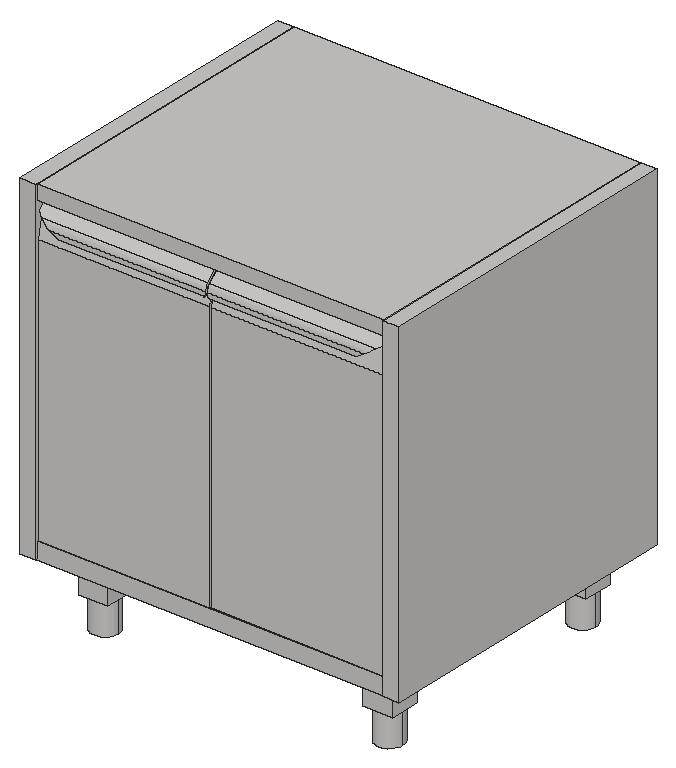
Revit family "QF_ELECTROLUXPROFESSIONAL_121816_TER2P8", category Attrezzature speciali, Revit 2020
Family settings
  Quota connettore circolare = Usa diametro
  Tipo di parte = Normale
  Basato su piano di lavoro = No
  Sempre verticale = Sì
  Taglio con vuoti quando caricato = No
  Condiviso = No
  Punto di calcolo locali = No
Parameters (values of type "Standard")
  Weight = 27.00 kg
  Watts = 0 W
  Volts = 0 V
  URL Manufacturer = "https://www.electroluxprofessional.com/"
  URL = "https://www.electroluxprofessional.com/"
  Steam Supply Size = 0 mm
  Steam Supply Minimum Pressure = 0.0 Pa
  Steam Supply Maximum Pressure = 0.0 Pa
  Steam Consumption per Hour = 0
  Refrigeration Suction Line Size = 0.0 mm
  Refrigeration Liquid Line Size = 0.0 mm
  Refrigerant Compressor Remote = yes
  Prospetto di default = 0.0 mm
  Phase = 0
  Modello = "TER2P8"
  Produttore = "Electrolux Professional"
  Length Actual = 800.0 mm  # constant formula
  Item Number = "121816"
  Hot Water Size = 0 mm
  Height Actual = 860.0 mm  # constant formula
  HP = "0 HP"
  Gas Size = 0 mm
  Gas KW = 0
  Gas Input Pressure = 0 W
  Direct Waste Size = 0 mm
  Descrizione = "AMBIENT UNIT 2 HINGED DOORS 800MM"
  Depth Actual = 680.0 mm  # constant formula
  Cycle = 0 Hz
  Condensate Return Size = 0 mm
  Compressed Air Volume = 0.0 L/s
  Compressed Air Size = 0 mm
  Compressed Air Pressure = 0.0 Pa
  Cold Water Size = 0 mm
  Accessory = yes
Reference planes
  plane 1 "Center (Front/Back)": y = 0
  plane 2: z = 0
  plane 3 "Center (Left/Right)": x = -300
  plane 4 "LEFT": x = -700
  plane 5 "RIGHT": x = 100
  plane 6 "BACK": y = 340
  plane 7 "FRONT": y = -340
  plane 8 "Base": z = 860
  plane 9 "TOP": z = 900
  plane 10: x = -600
  plane 11: x = 0
  plane 12: y = 270
  plane 13: y = -240
  plane 14 "FEET": z = 150
  plane 15: x = -666
  plane 16: x = 66
  plane 17: y = -337
  plane 18: y = 310
  plane 19: y = -700
Forms (mm)
  Extrusion 1, solid, material "QF_Finishes_Stainless Steel"
    sketch origin (0, 0, 150) x (-1, 0, 0) y (0, -1, 0)
      loop
        line (700, -340) -> (700, 340) -> (666, 340) -> (666, -340) -> (700, -340)
      loop
        line (-66, -340) -> (-66, 340) -> (-100, 340) -> (-100, -340) -> (-66, -340)
    from 0 to 710
  Extrusion 2, solid, material "QF_Finishes_Stainless Steel"
    sketch origin (0, 0, 150) x (-1, 0, 0) y (0, -1, 0)
      loop
        line (666, -310) -> (666, 337) -> (-66, 337) -> (-66, -310) -> (666, -310)
    from 0 to 35
  Extrusion 3, solid, material "QF_Finishes_Stainless Steel"
    sketch origin (0, 0, 0) x (1, 0, 0) y (0, 1, 0)
      loop
        line (-666, 310) -> (-666, -297) -> (66, -297) -> (66, 310) -> (-666, 310)
    from 490 to 520
  Extrusion 4, solid, material "QF_Finishes_Stainless Steel"
    sketch origin (0, 0, 0) x (1, 0, 0) y (0, 1, 0)
      loop
        line (-666, -337) -> (66, -337) -> (66, 340) -> (-666, 340) -> (-666, -337)
    from 830 to 860
  Extrusion 5, solid, material "QF_Finishes_Stainless Steel"
    sketch origin (0, 0, 150) x (-1, 0, 0) y (0, -1, 0)
      loop
        line (666, -340) -> (666, -310) -> (-66, -310) -> (-66, -340) -> (666, -340)
    from 680 to 0
Lines and regions (mm)
  symbolic lines, style "SpecialityEquipmentHiddenLines"
    curve 1: line (100, 340, 900) -> (-700, 340, 900)
    curve 2: line (100, -340, 900) -> (100, 340, 900)
    curve 3: line (-700, -344.5, 150) -> (-700, 340, 150)
    curve 4: line (-700, -340, 150) -> (-666, -340, 150)
    curve 5: line (-666, -340, 150) -> (-666, -337, 150)
    curve 6: line (-666, -337, 150) -> (66, -337, 150)
    curve 7: line (66, -337, 150) -> (66, -340, 150)
    curve 8: line (66, -340, 150) -> (100, -340, 150)
Dimensions and locks
  plane 4 "LEFT" to plane 5 "RIGHT" = 800.0 mm
  equal spacing: plane 4 "LEFT", plane 3 "Center (Left/Right)", plane 5 "RIGHT"
  plane 6 "BACK" to plane 7 "FRONT" = 680.0 mm
  equal spacing: plane 6 "BACK", plane 1 "Center (Front/Back)", plane 7 "FRONT"
  locked: plane 14 "FEET" to level at 150
  locked: plane 4 "LEFT" to plane 10 at 100
  locked: plane 11 to plane 5 "RIGHT" at 100
  locked: plane 4 "LEFT" to plane 15 at 34
  locked: plane 16 to plane 5 "RIGHT" at 34
  plane 17 to plane 7 "FRONT" = 3.0 mm
  plane 6 "BACK" to plane 18 = 30.0 mm
  locked: plane 6 "BACK" to plane 12 at 70
  locked: plane 13 to plane 7 "FRONT" at 100
  locked: plane 8 "Base" to level at 860
  locked: plane 9 "TOP" to level at 900
  plane 6 "BACK" to plane 19 = 1040.0 mm
  aligned and locked: level to plane 2
  aligned and locked: plane 10 to nested 1
  aligned and locked: plane 11 to nested 2
  aligned and locked: plane 11 to nested 4
  aligned and locked: nested 4 to plane 12
  aligned and locked: plane 10 to nested 3
  aligned and locked: nested 3 to plane 12
  aligned and locked: plane 8 "Base" to Extrusion 1
  aligned and locked: plane 6 "BACK" to Extrusion 1 sketch curve
  aligned and locked: Extrusion 1 sketch curve to plane 6 "BACK"
  aligned and locked: plane 7 "FRONT" to Extrusion 1 sketch curve
  aligned and locked: Extrusion 1 sketch curve to plane 7 "FRONT"
  aligned and locked: plane 15 to Extrusion 1
  aligned and locked: Extrusion 1 to plane 16
  aligned and locked: Extrusion 2 to plane 15
  aligned and locked: plane 16 to Extrusion 2
  aligned and locked: plane 16 to Extrusion 3
  aligned and locked: Extrusion 3 to plane 15
  aligned and locked: plane 8 "Base" to Extrusion 4
  aligned and locked: Extrusion 2 to plane 17
  aligned and locked: Extrusion 2 to plane 18
  aligned and locked: Extrusion 3 to plane 18
  aligned and locked: Extrusion 4 to plane 17
  aligned and locked: plane 15 to Extrusion 5 sketch curve
  aligned and locked: Extrusion 5 sketch curve to plane 16
  aligned and locked: Extrusion 5 sketch curve to plane 6 "BACK"
  aligned and locked: Extrusion 5 sketch curve to plane 18
  aligned and locked: Extrusion 5 to Extrusion 4
  aligned and locked: Extrusion 5 to plane 14 "FEET"
  aligned and locked: plane 6 "BACK" to Extrusion 4
  aligned and locked: nested 1 to plane 13
  aligned and locked: nested 2 to plane 13
Automatic sketch dimensions
  curve 2 to plane 5 "RIGHT" = 0.0 mm
  curve 2 to plane 7 "FRONT" = 0.0 mm
  curve 1 to plane 4 "LEFT" = 0.0 mm
  curve 1 to plane 6 "BACK" = 0.0 mm
  Extrusion 1 sketch curve to plane 5 "RIGHT" = 0.0 mm
  Extrusion 1 sketch curve to plane 16 = 0.0 mm
  Extrusion 1 sketch curve to plane 15 = 0.0 mm
  Extrusion 1 sketch curve to plane 4 "LEFT" = 0.0 mm
  Extrusion 2 sketch curve to plane 16 = 0.0 mm
  Extrusion 2 sketch curve to plane 15 = 0.0 mm
  plane 18 to Extrusion 2 sketch curve = 0.0 mm
  Extrusion 2 sketch curve to plane 17 = 0.0 mm
  curve 8 to plane 5 "RIGHT" = 0.0 mm
  curve 8 to plane 7 "FRONT" = 0.0 mm
  curve 8 to plane 16 = 0.0 mm
  curve 6 to plane 15 = 0.0 mm
  curve 3 to plane 4 "LEFT" = 0.0 mm
  curve 3 to plane 6 "BACK" = 0.0 mm
  curve 6 to plane 17 = 0.0 mm
  curve 4 to plane 7 "FRONT" = 0.0 mm
  curve 4 to curve 3 = 4.5 mm
  Extrusion 4 sketch curve to plane 15 = 0.0 mm
  Extrusion 4 sketch curve to plane 16 = 0.0 mm
  Extrusion 4 sketch curve to plane 17 = 0.0 mm
  Extrusion 4 sketch curve to plane 18 = 30.0 mm
  Extrusion 3 sketch curve to plane 15 = 0.0 mm
  plane 7 "FRONT" to Extrusion 3 sketch curve = 43.0 mm
  Extrusion 3 sketch curve to plane 16 = 0.0 mm
  plane 18 to Extrusion 3 sketch curve = 0.0 mm
Nested families
  nested 1: "FEET_L63-150" at (-600, -240, 0), type "FEET_L63-150"
  nested 2: "FEET_L63-150" at (0, -240, 0), type "FEET_L63-150"
  nested 3: "FEET_L63-150" at (-600, 270, 0), type "FEET_L63-150"
  nested 4: "FEET_L63-150" at (0, 270, 0), type "FEET_L63-150"
  nested 5: "H637_800_2DOORS" at (-336.042, -297, 149) x (1, 0, 0) z (0, -1, 0), type "H637_800_2DOORS"
    with Width 800.0 mm, Show Clearance yes
Definition of nested family "FEET_L63-150"
  Parameters
    Default Elevation = 0.0 mm
    FEET = 150.0 mm
  Reference planes
    plane 1 "Center (Front/Back)": y = 0
    plane 2: z = 0
    plane 3 "Center (Left/Right)": x = 0
    plane 4: z = 150
  Forms (mm)
    Extrusion 1, solid
      sketch origin (0, 0, 0) x (1, 0, 0) y (0, 1, 0)
        loop
          circle (0, 0) r 28
      from 0 to 67
    Extrusion 2, solid
      sketch origin (0, 0, 0) x (1, 0, 0) y (0, 1, 0)
        loop
          line (31.561, 31.5) -> (-31.439, 31.5) -> (-31.439, -31.5) -> (31.561, -31.5) -> (31.561, 31.5)
      from 67 to 150 <- "FEET"
  Lines and regions (mm)
    symbolic lines
      curve 1: line (0, -1.503, 0) -> (0, 1.508, 0)
      curve 2: line (1.561, 0, 0) -> (-1.439, 0, 0)
  Dimensions and locks
    "FEET": plane 4 to plane 2
    aligned and locked: level to plane 2
  Automatic sketch dimensions
    plane 1 "Center (Front/Back)" to Extrusion 1 sketch curve = 0.0 mm
    Extrusion 1 sketch curve to plane 3 "Center (Left/Right)" = 0.0 mm
    plane 1 "Center (Front/Back)" to curve 2 = 0.0 mm
    curve 1 to plane 3 "Center (Left/Right)" = 0.0 mm
    curve 2 to plane 3 "Center (Left/Right)" = 1.439 mm
    plane 3 "Center (Left/Right)" to curve 2 = 1.561 mm
    plane 1 "Center (Front/Back)" to curve 1 = 1.503 mm
    curve 1 to plane 1 "Center (Front/Back)" = 1.508 mm
    Extrusion 2 sketch curve to plane 1 "Center (Front/Back)" = 31.5 mm
    Extrusion 2 sketch curve to plane 3 "Center (Left/Right)" = 31.439 mm
    plane 3 "Center (Left/Right)" to Extrusion 2 sketch curve = 31.561 mm
    plane 1 "Center (Front/Back)" to Extrusion 2 sketch curve = 31.5 mm
    radius of Extrusion 1 sketch curve = 28.0 mm
Definition of nested family "H637_800_2DOORS"
  Parameters
    Width [instance] = 800.0 mm
    Show Clearance [instance] = yes
    Model = "727995"
    Height = 710.0 mm
    Default Elevation = 0.0 mm
  Reference planes
    plane 1 "Center (Front/Back)": y = 0
    plane 2: z = 0
    plane 3 "Center (Left/Right)": x = 36.042
    plane 4 "panel": z = 25
    plane 5 "Left": x = -363.958
    plane 6 "Right": x = 436.042
    plane 7: y = 710
    plane 8: z = 45
    plane 9: x = 399.042
    plane 10: x = -326.958
    plane 11: y = 672
    plane 12: y = 38
    plane 13: z = 403
    plane 14: x = 33.762
    plane 15: x = 38.322
  Forms (mm)
    Extrusion 1, solid
      sketch origin (0, -919.2, 0) x (1, 0, 0) y (0, 1, 0)
        loop
          line (-980.5, 2119.2) -> (-980.5, -162.846) -> (881.94, -162.846) -> (881.94, 2119.2) -> (-980.5, 2119.2)
      from 0 to -59.546
    Extrusion 2, solid
      sketch origin (36.042, -219.693, 0) x (0, 1, 0) y (0, 0, 1)
        loop
          line (848.63, 49.734) -> (848.63, 47.734) -> (858.98, 47.734)
          arc (858.98, 47.734) -> (865.586, 46.42) -> (871.186, 42.679) r 17.261
          line (871.186, 42.679) -> (888.019, 25.845) -> (891.693, 25) -> (872.6, 44.093)
          arc (872.6, 44.093) -> (866.351, 48.268) -> (858.98, 49.734) r 19.261
          line (858.98, 49.734) -> (848.63, 49.734)
      from 2.28 to 363
    Extrusion 3, void
      sketch origin (0, -219.693, 25) x (1, 0, 0) y (0, 1, 0)
        loop
          line (404.066, 839.859) -> (404.066, 882.225) -> (399.042, 882.225)
          arc (399.042, 882.225) -> (398.688, 880.688) -> (397.873, 879.339) r 5
          line (397.873, 879.339) -> (355.197, 850.51)
          arc (355.197, 850.51) -> (352.266, 849.11) -> (349.054, 848.63) r 10.974
          line (349.054, 848.63) -> (43.082, 848.63)
          arc (43.082, 848.63) -> (39.716, 850.024) -> (38.322, 853.39) r 4.76
          line (38.322, 853.39) -> (38.322, 839.859) -> (404.066, 839.859)
      from 0 to 27.674
    Extrusion 4, solid
      sketch origin (36.042, -190, 0) x (0, 1, 0) y (0, 0, 1)
        loop
          line (228, 40) -> (228, 0) -> (862, 0) -> (862, 25) -> (796.797, 40) -> (228, 40)
      from 363 to 2.28
    Extrusion 5, solid
      sketch origin (36.042, -219.693, 0) x (0, 1, 0) y (0, 0, -1)
        loop
          line (848.63, -49.734) -> (858.98, -49.734)
          arc (858.98, -49.734) -> (866.351, -48.268) -> (872.6, -44.093) r 19.261
          line (872.6, -44.093) -> (891.693, -25) -> (888.019, -25.845) -> (871.186, -42.679)
          arc (871.186, -42.679) -> (865.586, -46.42) -> (858.98, -47.734) r 17.261
          line (858.98, -47.734) -> (848.63, -47.734) -> (848.63, -49.734)
      from 2.28 to 363
    Extrusion 6, void
      sketch origin (72.084, -219.693, 25) x (-1, 0, 0) y (0, -1, 0)
        loop
          line (404.066, -839.859) -> (38.322, -839.859) -> (38.322, -853.39)
          arc (38.322, -853.39) -> (39.716, -850.024) -> (43.082, -848.63) r 4.76
          line (43.082, -848.63) -> (349.054, -848.63)
          arc (349.054, -848.63) -> (352.266, -849.11) -> (355.197, -850.51) r 10.974
          line (355.197, -850.51) -> (397.873, -879.339)
          arc (397.873, -879.339) -> (398.688, -880.688) -> (399.042, -882.225) r 5
          line (399.042, -882.225) -> (404.066, -882.225) -> (404.066, -839.859)
      from 0 to 27.674
    Extrusion 7, solid
      sketch origin (36.042, -190, 0) x (0, 1, 0) y (0, 0, -1)
        loop
          line (228, -40) -> (796.797, -40) -> (862, -25) -> (862, 0) -> (228, 0) -> (228, -40)
      from 363 to 2.28
    Extrusion 8, solid, detail levels coarse
      sketch origin (0, 0, 0) x (1, 0, 0) y (0, 0, 1)
        loop
          arc (33.762, 49.734) -> (-69.613, 304.977) -> (-326.958, 403) r 344.617
          line (-326.958, 403) -> (-326.958, 49.734) -> (33.762, 49.734)
        loop
          line (38.322, 49.734) -> (399.042, 49.734) -> (399.042, 403)
          arc (399.042, 403) -> (141.697, 304.977) -> (38.322, 49.734) r 344.617
      from -672 to -38
  Cuts and joins
    Extrusion 3, Extrusion 6 cuts Extrusion 2
    Extrusion 6 cuts Extrusion 4
    Extrusion 6 cuts Extrusion 5
  Lines and regions (mm)
    symbolic lines
      curve 1: line (399.042, 0, 40) -> (399.042, 0, 403)
      curve 2: line (367.735, 0, 49.734) -> (38.322, 0, 49.734)
      curve 3: spline (387.459, 0, 44.389) -> (385.921, 0, 45.265) -> (384.356, 0, 46.066) -> (382.765, 0, 46.791) -> (381.151, 0, 47.437) -> (379.517, 0, 48.005) -> (377.865, 0, 48.493) -> (376.198, 0, 48.9) -> (374.519, 0, 49.226) -> (372.831, 0, 49.471) -> (371.136, 0, 49.633) -> (369.436, 0, 49.712) -> (367.736, 0, 49.71)
      curve 4: line (393.956, 0, 40) -> (387.459, 0, 44.389)
      curve 5: arc (38.322, 0, 49.734) -> (141.697, 0, 304.977) -> (399.042, 0, 403) r 344.617
      curve 6: arc (33.762, 0, 49.734) -> (-69.613, 0, 304.977) -> (-326.958, 0, 403) r 344.617
      curve 7: line (-326.958, 0, 403) -> (-326.958, 0, 40)
      curve 8: spline (-315.375, 0, 44.389) -> (-313.837, 0, 45.265) -> (-312.272, 0, 46.066) -> (-310.681, 0, 46.791) -> (-309.067, 0, 47.437) -> (-307.433, 0, 48.005) -> (-305.781, 0, 48.493) -> (-304.114, 0, 48.9) -> (-302.435, 0, 49.226) -> (-300.747, 0, 49.471) -> (-299.052, 0, 49.633) -> (-297.352, 0, 49.712) -> (-295.652, 0, 49.71)
      curve 9: line (-321.872, 0, 40) -> (-315.375, 0, 44.389)
      curve 10: line (33.762, 0, 49.734) -> (33.762, 0, 40)
      curve 11: line (38.322, 0, 40) -> (38.322, 0, 49.734)
      curve 12: line (33.762, 0, 49.734) -> (-296.238, 0, 49.734)
  Dimensions and locks
    plane 4 "panel" to level = 25.0 mm
    "Width": plane 5 "Left" to plane 6 "Right"
    equal spacing: plane 5 "Left", plane 3 "Center (Left/Right)", plane 6 "Right"
    "Height": plane 1 "Center (Front/Back)" to plane 7
    plane 9 to plane 6 "Right" = 37.0 mm
    plane 5 "Left" to plane 10 = 37.0 mm
    plane 7 to plane 11 = 38.0 mm
    plane 1 "Center (Front/Back)" to plane 12 = 38.0 mm
    plane 10 to plane 9 = 726.0 mm
    aligned and locked: plane 2 to Extrusion 1
    aligned and locked: level to Extrusion 1
    aligned and locked: plane 9 to Extrusion 2
    aligned and locked: plane 9 to Extrusion 4
  Automatic sketch dimensions
    Extrusion 1 sketch curve to Extrusion 1 sketch curve = 1862.44 mm
    Extrusion 1 sketch curve to Extrusion 1 sketch curve = 2282.046 mm
    Extrusion 2 sketch curve to Extrusion 2 sketch curve = 0.0 mm  (x2)
    Extrusion 2 sketch curve to plane 4 "panel" = 0.0 mm
    Extrusion 2 sketch curve to plane 11 = 0.0 mm
    plane 4 "panel" to Extrusion 2 sketch curve = 0.845 mm
    Extrusion 2 sketch curve to plane 11 = 3.674 mm
    Extrusion 2 sketch curve to plane 8 = 0.907 mm
    Extrusion 2 sketch curve to plane 11 = 19.093 mm
    Extrusion 2 sketch curve to plane 8 = 2.321 mm
    Extrusion 2 sketch curve to Extrusion 2 sketch curve = 1.414 mm
    plane 4 "panel" to Extrusion 2 sketch curve = 5.474 mm
    Extrusion 2 sketch curve to Extrusion 2 sketch curve = 12.205 mm
    Extrusion 2 sketch curve to Extrusion 2 sketch curve = 10.351 mm
    Extrusion 4 sketch curve to plane 12 = 0.0 mm
    Extrusion 4 sketch curve to plane 4 "panel" = 0.0 mm
    Extrusion 4 sketch curve to plane 11 = 0.0 mm
    Extrusion 4 sketch curve to level = 0.0 mm
    Extrusion 4 sketch curve to plane 8 = 5.0 mm
    Extrusion 4 sketch curve to plane 11 = 65.203 mm
    Extrusion 5 sketch curve to Extrusion 5 sketch curve = 0.0 mm  (x2)
    Extrusion 5 sketch curve to plane 4 "panel" = 0.0 mm
    Extrusion 5 sketch curve to plane 11 = 0.0 mm
    plane 4 "panel" to Extrusion 5 sketch curve = 0.845 mm
    Extrusion 5 sketch curve to plane 11 = 3.674 mm
    Extrusion 5 sketch curve to plane 8 = 0.907 mm
    Extrusion 5 sketch curve to plane 11 = 19.093 mm
    Extrusion 5 sketch curve to plane 8 = 2.321 mm
    Extrusion 5 sketch curve to Extrusion 5 sketch curve = 1.414 mm
    plane 4 "panel" to Extrusion 5 sketch curve = 5.474 mm
    Extrusion 5 sketch curve to Extrusion 5 sketch curve = 12.205 mm
    Extrusion 5 sketch curve to Extrusion 5 sketch curve = 10.351 mm
    Extrusion 6 sketch curve to plane 14 = 0.0 mm
    Extrusion 6 sketch curve to plane 10 = 0.0 mm
    Extrusion 6 sketch curve to plane 14 = 4.76 mm
    plane 10 to Extrusion 6 sketch curve = 49.988 mm
    Extrusion 6 sketch curve to Extrusion 6 sketch curve = 6.143 mm
    plane 10 to Extrusion 6 sketch curve = 4.988 mm
    plane 10 to Extrusion 6 sketch curve = 1.169 mm
    Extrusion 6 sketch curve to plane 10 = 5.024 mm
    plane 11 to Extrusion 6 sketch curve = 51.834 mm
    Extrusion 6 sketch curve to Extrusion 6 sketch curve = 8.771 mm
    Extrusion 6 sketch curve to Extrusion 6 sketch curve = 1.88 mm
    plane 11 to Extrusion 6 sketch curve = 12.354 mm
    Extrusion 6 sketch curve to Extrusion 6 sketch curve = 2.886 mm
    Extrusion 7 sketch curve to plane 12 = 0.0 mm
    Extrusion 7 sketch curve to plane 4 "panel" = 0.0 mm
    Extrusion 7 sketch curve to plane 11 = 0.0 mm
    Extrusion 7 sketch curve to level = 0.0 mm
    Extrusion 7 sketch curve to plane 8 = 5.0 mm
    Extrusion 7 sketch curve to plane 11 = 65.203 mm
    Extrusion 3 sketch curve to plane 15 = 0.0 mm
    Extrusion 3 sketch curve to plane 9 = 0.0 mm
    Extrusion 3 sketch curve to Extrusion 3 sketch curve = 4.76 mm
    Extrusion 3 sketch curve to plane 9 = 49.988 mm
    Extrusion 3 sketch curve to Extrusion 3 sketch curve = 6.143 mm
    Extrusion 3 sketch curve to plane 9 = 4.988 mm
    Extrusion 3 sketch curve to plane 9 = 1.169 mm
    plane 9 to Extrusion 3 sketch curve = 5.024 mm
    Extrusion 3 sketch curve to plane 11 = 51.834 mm
    Extrusion 3 sketch curve to Extrusion 3 sketch curve = 8.771 mm
    Extrusion 3 sketch curve to Extrusion 3 sketch curve = 1.88 mm
    Extrusion 3 sketch curve to plane 11 = 12.354 mm
    Extrusion 3 sketch curve to Extrusion 3 sketch curve = 2.886 mm
    plane 10 to Extrusion 8 sketch curve = 0.0 mm
    plane 14 to Extrusion 8 sketch curve = 0.0 mm
    Extrusion 8 sketch curve to plane 15 = 0.0 mm
    Extrusion 8 sketch curve to plane 9 = 0.0 mm
    Extrusion 8 sketch curve to plane 13 = 0.0 mm  (x2)
    plane 8 to Extrusion 8 sketch curve = 13.765 mm  (x2)
    Extrusion 8 sketch curve to Extrusion 8 sketch curve = 16.222 mm  (x2)
    plane 10 to curve 7 = 0.0 mm
    plane 14 to curve 10 = 0.0 mm
    curve 11 to plane 15 = 0.0 mm
    curve 5 to plane 9 = 0.0 mm
    curve 5 to plane 13 = 0.0 mm
    curve 6 to plane 13 = 0.0 mm
    curve 9 to plane 8 = 0.611 mm
    curve 9 to plane 10 = 11.583 mm
    plane 8 to curve 6 = 13.765 mm
    curve 9 to curve 6 = 4.639 mm
    plane 8 to curve 5 = 13.765 mm
    curve 5 to curve 1 = 16.222 mm
    curve 4 to plane 8 = 0.611 mm
    curve 4 to plane 9 = 11.583 mm
    curve 7 to curve 9 = 5.086 mm
    curve 8 to level = 1.281 mm
    curve 8 to plane 10 = 30.398 mm
    curve 8 to curve 12 = 0.322 mm
    curve 12 to curve 8 = 0.586 mm
    curve 2 to curve 5 = 15.085 mm
    curve 2 to curve 3 = 0.0 mm
    curve 3 to level = 1.281 mm
    curve 3 to plane 9 = 30.398 mm
    curve 4 to plane 9 = 5.086 mm
    curve 4 to plane 8 = 5.0 mm
    curve 11 to plane 8 = 5.0 mm
    curve 10 to curve 11 = 0.0 mm
    curve 1 to plane 8 = 5.0 mm
    curve 9 to plane 8 = 5.0 mm
    curve 7 to plane 8 = 5.0 mm
    curve 8 to curve 12 = 0.025 mm
    curve 3 to curve 2 = 0.025 mm
